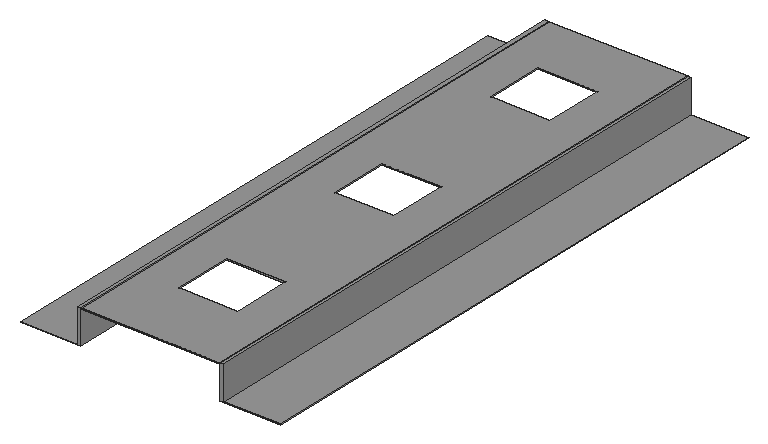
Revit family "OKA-G Kanaleinheit für GES9, Höhe 40-140mm", category Generic Models, Revit 2015
Parameters (values of type "OKA-G60040140D9")
  Width = 600 mm
  URL = "http://www.obo-bettermann.com"
  Material = Steel, Galvanized
  Manufacturer Art. No. = "7424204\r\n7424204"
  Manufacturer = "OBO Bettermann"
  Length [instance] = 2400 mm
  HeightCalc [instance] = if(Height < 40 mm, 40 mm, (if(Height > 140 mm, 140 mm, Height)))  # 140 mm
  Height [instance] = 140 mm
  GTIN = "4012195243670\r\n4012195243670"
  Cut's number = 3
  Article Type = "OKA-G60040140D9"
Types (4, lengths in mm): name | Width | Manufacturer Art. No. | GTIN | Article Type
  (no name) | 600 | "7424204\r\n7424204" | "4012195243670\r\n4012195243670" | "OKA-G60040140D9"
  OKA-G40040140D9 | 400 | "7424200" | "4012195243656" | "OKA-G40040140D9"
  OKA-G50040140D9 | 500 | "7424202" | "4012195243663" | "OKA-G50040140D9"
  OKA-G60040140D9 | 600 | "7424204\r\n7424204" | "4012195243670\r\n4012195243670" | "OKA-G60040140D9"
Reference planes
  plane 1 "Center (Front/Back)": y = 0
  plane 2: z = 0
  plane 3 "Center (Left/Right)": x = 0
  plane 4: z = 140
  plane 5: y = -2400
  plane 6: x = 300
  plane 7: x = -300
Forms (mm)
  Extrusion 1, solid, material "Aluminum 6061"
    sketch origin (0, 0, 0) x (1, 0, 0) y (0, 0, 1)
      loop
        line (285, 140) -> (285, 0) -> (535, 0) -> (535, 1) -> (300, 1) -> (300, 140) -> (285, 140)
      loop
        line (-300, 1) -> (-535, 1) -> (-535, 0) -> (-285, 0) -> (-285, 140) -> (-300, 140) -> (-300, 1)
    from 0 to 2400
  Extrusion 2, solid, material "Steel, Galvanized" <- "Material"
    sketch origin (0, 0, 0) x (1, 0, 0) y (0, 0, 1)
      loop
        line (285, 136) -> (285, 140) -> (-285, 140) -> (-285, 136) -> (285, 136)
    from 0 to 2400
  Extrusion 3, void
    sketch origin (0, 0, 0) x (1, 0, 0) y (0, 1, 0)
      loop
        line (-122, -1858.5) -> (-122, -2102.5) -> (122, -2102.5) -> (122, -1858.5) -> (-122, -1858.5)
    from 0 to 250
  Extrusion 4, void
    sketch origin (0, 800, 0) x (1, 0, 0) y (0, 1, 0)
      loop
        line (-122, -1858.5) -> (-122, -2102.5) -> (122, -2102.5) -> (122, -1858.5) -> (-122, -1858.5)
    from 0 to 250
  Extrusion 5, void
    sketch origin (0, 1600, 0) x (1, 0, 0) y (0, 1, 0)
      loop
        line (-122, -1858.5) -> (-122, -2102.5) -> (122, -2102.5) -> (122, -1858.5) -> (-122, -1858.5)
    from 0 to 250
Cuts and joins
  Extrusion 3, Extrusion 4, Extrusion 5 cuts Extrusion 2
Lines and regions (mm)
  model lines
    curve 1: line (-300, 0, 140) -> (-285, 0, 140)
    curve 2: line (-285, 0, 140) -> (-285, 0, 0)
    curve 3: line (-285, 0, 0) -> (-535, 0, 0)
    curve 4: line (-535, 0, 0) -> (-535, 0, 1)
    curve 5: line (-535, 0, 1) -> (-300, 0, 1)
    curve 6: line (-300, 0, 1) -> (-300, 0, 140)
    curve 7: line (285, 0, 140) -> (285, 0, 0)
    curve 8: line (285, 0, 0) -> (535, 0, 0)
    curve 9: line (535, 0, 0) -> (535, 0, 1)
    curve 10: line (535, 0, 1) -> (300, 0, 1)
    curve 11: line (300, 0, 1) -> (300, 0, 140)
    curve 12: line (300, 0, 140) -> (285, 0, 140)
    curve 13: line (285, 0, 140) -> (285, 0, 0)
    curve 14: line (-285, 0, 0) -> (-285, 0, 140)
    curve 15: line (-285, 0, 140) -> (285, 0, 140)
    curve 16: line (-285, 0, 136) -> (285, 0, 136)
Dimensions and locks
  locked: curve 5 to curve 3 at 1
  locked: curve 2 to curve 6 at 15
  locked: curve 10 to curve 8 at 1
  locked: curve 2 to curve 4 at 250
  locked: curve 9 to curve 7 at 250
  locked: curve 11 to curve 7 at 15
  "Length": plane 1 "Center (Front/Back)" to plane 5
  equal spacing: plane 7, plane 3 "Center (Left/Right)", plane 6
  "Width": plane 7 to plane 6
  "HeightCalc": level to plane 4
  locked: curve 16 to curve 15 at 4
  locked: Extrusion 3 sketch curve to Extrusion 3 sketch curve at 244  (x2)
  locked: Extrusion 4 sketch curve to Extrusion 4 sketch curve at 244  (x2)
  equal spacing: group 1, group 2, group 3  (x3)
  locked: Extrusion 5 sketch curve to Extrusion 5 sketch curve at 244  (x2)
  aligned and locked: level to plane 2
  aligned and locked: level to curve 3
  aligned and locked: curve 6 to plane 7
  aligned and locked: curve 11 to plane 6
  aligned and locked: plane 4 to curve 1
  aligned and locked: curve 8 to level
  aligned and locked: Extrusion 1 sketch curve to curve 13
  aligned and locked: Extrusion 1 sketch curve to curve 12
  aligned and locked: Extrusion 1 sketch curve to curve 11
  aligned and locked: Extrusion 1 sketch curve to curve 10
  aligned and locked: Extrusion 1 sketch curve to curve 9
  aligned and locked: Extrusion 1 sketch curve to curve 8
  aligned and locked: Extrusion 1 sketch curve to curve 6
  aligned and locked: Extrusion 1 sketch curve to curve 14
  aligned and locked: Extrusion 1 sketch curve to curve 1
  aligned and locked: Extrusion 1 sketch curve to curve 5
  aligned and locked: Extrusion 1 sketch curve to curve 3
  aligned and locked: Extrusion 1 sketch curve to curve 4
  aligned and locked: Extrusion 1 to plane 5
  aligned and locked: Extrusion 2 sketch curve to curve 16
  aligned and locked: Extrusion 2 sketch curve to curve 15
  aligned and locked: Extrusion 2 sketch curve to curve 2
  aligned and locked: Extrusion 2 sketch curve to curve 7
  aligned and locked: Extrusion 2 to plane 5
